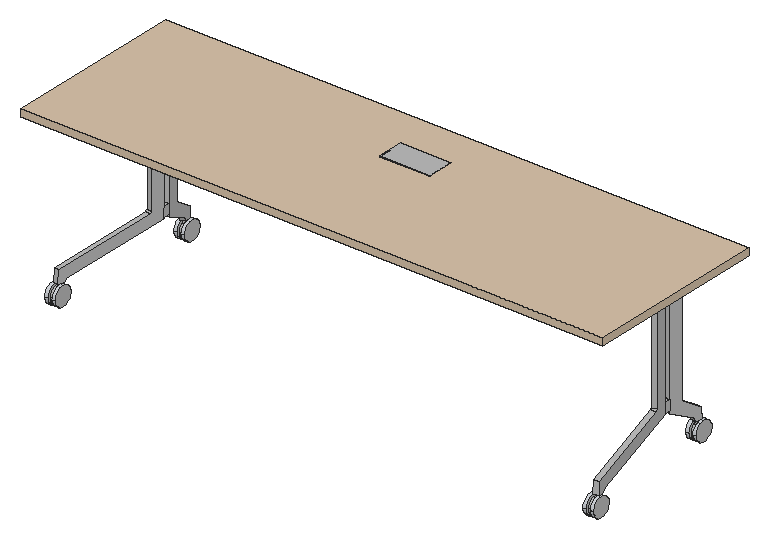
Revit family "Haworth_Planes_TrainingTable_Rectangular30", category Furniture Systems, Revit 2018
Family settings
  Round Connector Dimension = Use Diameter
  Part Type = Normal
  OmniClass Number = 23.40.70.14.64.21
  OmniClass Title = Systems Furniture
  Work Plane-Based = No
  Always vertical = Yes
  Cut with Voids When Loaded = No
  Shared = No
  Room Calculation Point = No
Parameters (values of type "96w 30d")
  Warranty = "http://www.haworth.com/resources/product-info/warranties"
  URL - Product = "http://www.haworth.com/products/tables/training/planes"
  Type Comments = ""
  Table Finish [instance] = Haworth _ Laminate _ Maple H-AE
  Table Edge Finish [instance] = Haworth _ Laminate _ Maple H-AE
  Sustainability Info = "http://media.haworth.com/asset/5175/Planes%20tables%20PEDS.pdf"
  Stretcher Width = Actual Width - ([Support Spacing - From Edge] * 2)  # 82"
  Side Fliptop Graphic = and(Flip Top, [Opening Left/Right], Actual Width > 59")  # no
  Side Cutout Offset = Actual Width / 3  # 32"
  Opening Single Wide = no
  Opening Single Narrow = no
  Opening Single = not(or(Opening Single Narrow, Opening Single Wide))  # yes
  Opening Left/Right = no
  Opening Center = not([Opening Left/Right])  # yes
  Leg Placement = 6 3/16"  # constant formula
  Model = "TARA"  # constant formula
  Leg Finish [instance] = Haworth _ Paint _ Metallic Champagne
  Knife Edge = not(Edgeband)  # no
  Glides = not(Casters)  # no
  Fliptop Width = Cutout Width + 1/4"  # 8 1/4"
  Fliptop Depth = Cutout Depth + 3/8"  # 4 3/8"
  Flip Top Finish = Haworth _ Paint _ Metallic Champagne
  Flip Top = yes
  Edgeband = yes
  Description = "Haworth - Planes Training - Table Rectangular - 30"  # constant formula
  Cutout Width = if(Opening Single Narrow, 5", if(Opening Single Wide, 11", 8"))  # 8"
  Cutout Depth = 4"  # constant formula
  Width = 96"
  URL = "www.haworth.com"
  Table Thickness = 1 3/16"  # constant formula
  Support Spacing - From Edge = 7"  # constant formula
  Size = "Verify Final Dim. w/ Haworth"  # constant formula
  Revision Number = "3"  # constant formula
  Min/Max Width = "36-96 in. @ 6 in. increments"  # constant formula
  Min/Max Depth = "30in."  # constant formula
  Min. Width = 36"  # constant formula
  Max. Width = 96"  # constant formula
  Min. Depth = 30"  # constant formula
  Max. Depth = 30"  # constant formula
  Manufacturer = "Haworth"  # constant formula
  Leg Height = Actual Height - Table Thickness  # 27 13/16"
  Depth = 30"
  Cutout = yes
  Custom Size = not(and(or(Depth = 20", Depth = 24", Depth = 30"), or(Width = 36", Width = 42", Width = 48", Width = 54", Width = 60", Width = 66", Width = 72", Width = 78", Width = 84", Width = 90", Width = 96")))  # no
  Center Fliptop Offset = 6 87/128" + (Cutout Depth / 2)  # 8 87/128"
  Center Fliptop Graphic = and(Flip Top, Opening Center)  # yes
  Casters = yes
  Caster Finish [instance] = Haworth _ Paint _ Metallic Champagne
  Author = "Haworth (Hampton, Alias)"  # constant formula
  Assembly Code = "E2020200"
  Actual Width = if(Width < Min. Width, Min. Width, if(Width > Max. Width, Max. Width, Width))  # 96"
  Actual Height = 29"  # constant formula
  Actual Depth = if(Depth > Max. Depth, Max. Depth, if(Depth < Min. Depth, Min. Depth, Depth))  # 30"
Types (2): name | Stretcher Width | Side Cutout Offset | Width | Actual Width
  60w 30d | 46" | 20" | 60" | 60"
  96w 30d | 82" | 32" | 96" | 96"
Reference planes (in)
  plane 1 "Center F/B": y = 0
  plane 2: z = 0
  plane 3 "Center L/R": x = 0
  plane 4 "Table Edge Left": x = -48
  plane 5 "Table Edge Right": x = 48
  plane 6 "Table Edge Front": y = 15
  plane 7 "Table Edge Back": y = -15
  plane 8 "Table Leg Left": x = -41
  plane 9 "Table Leg Right": x = 41
  plane 10 "Top": z = 29
  plane 11 "Support Back": y = 8.8125
  plane 12: y = 3.57316
  plane 13: x = -16
  plane 14: x = 16
  plane 15: y = 6.32031
Dimensions and locks (in)
  "Support Spacing - From Edge": plane 4 "Table Edge Left" to plane 8 "Table Leg Left"
  "Support Spacing - From Edge": plane 9 "Table Leg Right" to plane 5 "Table Edge Right"
  "Actual Width": plane 4 "Table Edge Left" to plane 5 "Table Edge Right"
  equal spacing: plane 4 "Table Edge Left", plane 3 "Center L/R", plane 5 "Table Edge Right"
  "Actual Depth": plane 6 "Table Edge Front" to plane 7 "Table Edge Back"
  equal spacing: plane 6 "Table Edge Front", plane 1 "Center F/B", plane 7 "Table Edge Back"
  "Actual Height": plane 10 "Top" to level
  locked: plane 11 "Support Back" to plane 12 at 5.23934
  "Leg Placement": plane 6 "Table Edge Front" to plane 11 "Support Back"
  "Side Cutout Offset": plane 4 "Table Edge Left" to plane 13
  "Side Cutout Offset": plane 14 to plane 5 "Table Edge Right"
  "Center Fliptop Offset": plane 6 "Table Edge Front" to plane 15
  aligned and locked: plane 8 "Table Leg Left" to nested 1
  aligned and locked: plane 9 "Table Leg Right" to nested 2
  aligned and locked: nested 2 to plane 1 "Center F/B"
  aligned and locked: plane 3 "Center L/R" to nested 3
  aligned and locked: nested 3 to plane 11 "Support Back"
  aligned and locked: plane 2 to nested 3
  aligned and locked: nested 4 to plane 2
  aligned and locked: plane 3 "Center L/R" to nested 4
  aligned and locked: plane 1 "Center F/B" to nested 4
  aligned and locked: plane 3 "Center L/R" to nested 5
  aligned and locked: plane 2 to nested 1
  aligned and locked: nested 2 to plane 2
  aligned and locked: plane 10 "Top" to nested 5
  aligned and locked: plane 10 "Top" to nested 6
  aligned and locked: plane 10 "Top" to nested 7
  aligned and locked: plane 14 to nested 6
  aligned and locked: plane 13 to nested 7
  aligned and locked: nested 7 to plane 15
  aligned and locked: nested 6 to plane 15
  aligned and locked: nested 5 to plane 15
Nested families (in)
  nested 1: "Haworth_Leg-Planes_Training_30D" at (-41, 0, 0), type "Leg"
  nested 2: "Haworth_Leg-Planes_Training_30D" at (41, 0, 0) x (-1, 0, 0) z (0, 0, 1), type "Leg"
  nested 3: "Haworth_Planes_TrainingTable_Stretcher_Part" at (0, 3.00053, 0), type "Stretcher"
    with Actual Width 82"
  nested 4: "Haworth_Planes_Worksurface_Rectangular_Part" at (0, -15, 0), type "Worksurface"
    with Side Cutout Offset 32", Side Cutout Graphic no, Side Cutout Dimension 1", Opening Left/Right no, Actual Width 96"
  nested 5: "Haworth_Worksurface_FlipTop_Unit_Part" at (-0.57037, 6.26783, 29), visible <- "Center Fliptop Graphic", type "Single Sided"
  nested 6: "Haworth_Worksurface_FlipTop_Unit_Part" at (15.42963, 6.26783, 29), visible <- "Side Fliptop Graphic", type "Single Sided"
  nested 7: "Haworth_Worksurface_FlipTop_Unit_Part" at (-16.57037, 6.26783, 29), visible <- "Side Fliptop Graphic", type "Single Sided"
Definition of nested family "Haworth_Leg-Planes_Training_30D"
  Parameters (values of type "Leg")
    Model = "Haworth_Leg-Planes_Training_30D"  # constant formula
    Manufacturer = "Haworth"  # constant formula
    Leg Height = 27 13/16"
    Leg Finish = none
    Glides = no
    Description = "Haworth_Leg-Planes_Training_30D"
    Casters = yes
    Caster Finish = none
    Auther = "Haworth (Hampton)"  # constant formula
    Assembly Code = ""
  Reference planes (in)
    plane 1 "Center (Front/Back)": y = 0
    plane 2: z = 0
    plane 3 "Center (Left/Right)": x = 0
    plane 4 "Top of Leg": z = 27.8125
    plane 5 "Y Leg Stand": x = -3.35156
    plane 6 "Left Y Leg": through (-0.17621, 0.60996, 48) normal (-0.8829, -0.4695, 0)
    plane 7 "Left Post": x = -0.5625
    plane 8 "Left Support": y = 11.57793
    plane 9: through (-0.17621, -0.60996, 48) normal (0.8829, -0.4695, 0)
    plane 10: y = -11.32793
    plane 11: x = -1.18359
  Forms (in)
    Revolve 1, solid, material <- "Leg Finish", visible <- "Glides"
      sketch origin (-1.19307, 0.20824, 0) x (-0.000803, -1, 0) y (0, 0, 1)
        loop
          line (-11.36969, 3.4375) -> (-11.36969, 0) -> (-10.36969, 0) -> (-10.36969, 0.1875) -> (-10.93219, 0.1875) -> (-10.93219, 3.4375) -> (-11.36969, 3.4375)
        axis (-11.36969, 3.4375) -> (-11.36969, 0)
      angle from 0 to 360
    Revolve 2, solid, material <- "Leg Finish", visible <- "Glides"
      sketch origin (-3.36034, 0.04176, 0) x (-0.000803, 1, 0) y (0, 0, -1)
        loop
          line (-11.36969, -3.4375) -> (-10.93219, -3.4375) -> (-10.93219, -0.1875) -> (-10.36969, -0.1875) -> (-10.36969, 0) -> (-11.36969, 0) -> (-11.36969, -3.4375)
        axis (-11.36969, -3.4375) -> (-11.36969, 0)
      angle from 0 to 360
    Extrusion 3, solid, material <- "Leg Finish"
      sketch origin (2.0119, -0.80233, 0) x (0.182579, 0.983191, 0) y (0, 0, 1)
        loop
          line (-11.85941, 5.24224) -> (-12.01655, 3.18345) -> (-10.98335, 3.18345) -> (-10.50665, 3.66015) -> (5.9043, 6.287) -> (5.9043, 27.24592) -> (3.92462, 27.24592) -> (3.92462, 8.10519)
          arc (3.92462, 8.10519) -> (3.85321, 7.91062) -> (3.67287, 7.80844) r 0.30078
          line (3.67287, 7.80844) -> (-11.85941, 5.24224)
      from -3.86674 to -2.94248
    Extrusion 4, solid, material <- "Leg Finish"
      sketch origin (1.99524, 0.3822, 0) x (-0.173889, 0.984765, 0) y (0, 0, 1)
        loop
          line (12.02172, 5.02236) -> (8.82242, 7.10002)
          arc (8.82242, 7.10002) -> (8.72191, 7.20875) -> (8.68546, 7.35227) r 0.30078
          line (8.68546, 7.35227) -> (8.68546, 27.24758) -> (6.68546, 27.24758) -> (6.68546, 6.03031) -> (10.72996, 3.95038) -> (11.08119, 3.19717) -> (12.08119, 3.19717) -> (12.02172, 5.02236)
      from -1.61621 to -0.69725
    Extrusion 5, solid, material <- "Leg Finish"
      sketch origin (0, 0, 0) x (1, 0, 0) y (0, 1, 0)
        loop
          line (-1.10665, 8.6543) -> (-1.44451, 8.6543) -> (-1.44451, 3.76231) -> (-1.07329, 3.76231) -> (-0.71184, 5.70871) -> (-0.75887, 6.68477) -> (-1.10665, 8.6543)
      from 25.04979 to 26.93342
    Extrusion 6, solid, material <- "Leg Finish"
      sketch origin (0, 0, 0) x (1, 0, 0) y (0, 1, 0)
        loop
          line (-0.75887, 6.68477) -> (-0.71184, 5.70871) -> (0.19689, 5.53996) -> (0.14609, 6.84456) -> (-0.75887, 6.68477)
      from 6.48123 to 8.06038
  Lines and regions (in)
    symbolic lines, detail levels medium+fine
      curve 1: line (-3.98381, -11.91091, 0) -> (-3.07508, -12.07966, 0)
      curve 2: line (-3.07508, -12.07966, 0) -> (0.19689, 5.53996, 0)
      curve 3: line (0.19689, 5.53996, 0) -> (0.14609, 6.84456, 0)
      curve 4: line (0.14609, 6.84456, 0) -> (-0.79217, 12.15809, 0)
      curve 5: line (-0.79217, 12.15809, 0) -> (-1.69713, 11.9983, 0)
      curve 6: line (-1.69713, 11.9983, 0) -> (-0.75887, 6.68477, 0)
      curve 7: line (-0.75887, 6.68477, 0) -> (-0.71184, 5.70871, 0)
      curve 8: line (-0.71184, 5.70871, 0) -> (-3.98381, -11.91091, 0)
  Dimensions and locks (in)
    "Leg Height": plane 4 "Top of Leg" to level
  Automatic sketch dimensions
    Revolve 1 sketch curve to level = 0"
    level to Revolve 1 sketch curve = 3.42885"
    Revolve 1 sketch curve to Revolve 1 sketch curve = 0"
    level to Revolve 1 sketch curve = 3/16"
    Revolve 1 sketch curve to Revolve 1 sketch curve = 7/16"
    Revolve 1 sketch curve to Revolve 1 sketch curve = 9/16"
    Revolve 1 sketch curve to level = 1.07115"
    Revolve 1 sketch curve to Revolve 1 sketch curve = 0.00865"
    Revolve 2 sketch curve to level = 0"
    level to Revolve 2 sketch curve = 3.42885"
    Revolve 2 sketch curve to Revolve 2 sketch curve = 0"
    level to Revolve 2 sketch curve = 3/16"
    Revolve 2 sketch curve to Revolve 2 sketch curve = 7/16"
    Revolve 2 sketch curve to Revolve 2 sketch curve = 9/16"
    Revolve 2 sketch curve to Revolve 2 sketch curve = 0.00865"
    Revolve 2 sketch curve to level = 1.07115"
    Extrusion 3 sketch curve to Extrusion 3 sketch curve = 0.4767"  (x2)
    Extrusion 3 sketch curve to Extrusion 3 sketch curve = 0.04903"
    Extrusion 3 sketch curve to Extrusion 3 sketch curve = 77/256"
    Extrusion 3 sketch curve to plane 4 "Top of Leg" = 0.56658"
    Extrusion 3 sketch curve to Extrusion 3 sketch curve = 1.97968"
    level to Extrusion 3 sketch curve = 8.10519"
    Extrusion 3 sketch curve to Extrusion 3 sketch curve = 1.81819"
    level to Extrusion 3 sketch curve = 5.24224"
    Extrusion 3 sketch curve to Extrusion 3 sketch curve = 1.58208"
    Extrusion 3 sketch curve to Extrusion 3 sketch curve = 0.15714"
    Extrusion 3 sketch curve to Extrusion 3 sketch curve = 1.0332"
    Extrusion 3 sketch curve to Extrusion 3 sketch curve = 14.13049"
    Extrusion 4 sketch curve to plane 4 "Top of Leg" = 0.56492"
    Extrusion 4 sketch curve to Extrusion 4 sketch curve = 2"
    Extrusion 4 sketch curve to Extrusion 4 sketch curve = 0.13696"
    Extrusion 4 sketch curve to Extrusion 4 sketch curve = 77/256"
    level to Extrusion 4 sketch curve = 7.35227"
    Extrusion 4 sketch curve to Extrusion 4 sketch curve = 1.06971"
    Extrusion 4 sketch curve to Extrusion 4 sketch curve = 2.07765"
    Extrusion 4 sketch curve to Extrusion 4 sketch curve = 1.07199"
    Extrusion 4 sketch curve to Extrusion 4 sketch curve = 0.75321"
    Extrusion 4 sketch curve to Extrusion 4 sketch curve = 1.90754"
    Extrusion 4 sketch curve to Extrusion 4 sketch curve = 0.35123"
    Extrusion 4 sketch curve to Extrusion 4 sketch curve = 1.29176"
    Extrusion 4 sketch curve to Extrusion 4 sketch curve = 1"
    plane 11 to Extrusion 5 sketch curve = 0.26091"
    Extrusion 5 sketch curve to plane 11 = 0.07695"
    Extrusion 5 sketch curve to plane 11 = 0.11031"
    plane 7 "Left Post" to Extrusion 5 sketch curve = 0.19637"
    plane 7 "Left Post" to Extrusion 5 sketch curve = 0.14934"
    Extrusion 5 sketch curve to plane 1 "Center (Front/Back)" = 3.76231"
    Extrusion 5 sketch curve to Extrusion 5 sketch curve = 1.9464"
    Extrusion 5 sketch curve to Extrusion 5 sketch curve = 0.97606"
    Extrusion 5 sketch curve to Extrusion 5 sketch curve = 1.96953"
    plane 7 "Left Post" to Extrusion 6 sketch curve = 0.19637"
    plane 7 "Left Post" to Extrusion 6 sketch curve = 0.14934"
    plane 3 "Center (Left/Right)" to Extrusion 6 sketch curve = 0.14609"
    plane 3 "Center (Left/Right)" to Extrusion 6 sketch curve = 0.19689"
    Extrusion 6 sketch curve to plane 1 "Center (Front/Back)" = 5.53996"
    Extrusion 6 sketch curve to Extrusion 6 sketch curve = 0.16875"
    Extrusion 6 sketch curve to Extrusion 6 sketch curve = 0.97606"
    Extrusion 6 sketch curve to Extrusion 6 sketch curve = 0.1598"
    curve 1 to plane 5 "Y Leg Stand" = 0.27648"
    plane 11 to curve 5 = 0.51353"
    plane 7 "Left Post" to curve 4 = 0.22967"
    plane 7 "Left Post" to curve 7 = 0.19637"
    plane 7 "Left Post" to curve 8 = 0.14934"
    plane 3 "Center (Left/Right)" to curve 3 = 0.14609"
    plane 3 "Center (Left/Right)" to curve 3 = 0.19689"
    plane 10 to curve 1 = 0.75173"
    curve 1 to curve 1 = 0.16875"
    curve 2 to curve 7 = 0.16875"
    curve 7 to curve 7 = 0.97606"
    curve 6 to curve 3 = 0.1598"
  Nested families (in)
    nested 1: "Haworth_3in Caster" at (-1.18359, 11.57793, 0), visible <- "Casters", type "Haworth_3in Caster"
    nested 2: "Haworth_3in Caster" at (-3.35156, -11.32793, 0), visible <- "Casters", type "Haworth_3in Caster"
  Definition of nested family "Haworth_3in Caster"
    Parameters
      Glides = yes
      Caster Finish = none
      Cart Leg Finish = none
      Assembly Code = ""
    Reference planes (in)
      plane 1 "Center (Front/Back)": y = 0
      plane 2: z = 0
      plane 3 "Center (Left/Right)": x = 0
    Forms (in)
      Extrusion 1, solid
        sketch origin (0, 0, -0.02118) x (0, 1, 0) y (0, 0, 1)
          loop
            circle (-0.48695, 1.58368) r 1.5625
        from 0.875 to 0.3125
      Extrusion 2, solid
        sketch origin (0, 0, -0.02118) x (0, 1, 0) y (0, 0, 1)
          loop
            circle (-0.48695, 1.58368) r 1.5625
        from -0.875 to -0.3125
      Extrusion 3, solid
        sketch origin (0, 0, 0) x (0, 1, 0) y (0, 0, 1)
          loop
            circle (-0.48695, 1.5625) r 1.3125
        from -0.3125 to 0.3125
      Extrusion 4, solid
        sketch origin (0, 0, 0) x (1, 0, 0) y (0, 1, 0)
          loop
            circle (0, 0) r 0.25
        from 2.4375 to 3.4375
    Cuts and joins
      joined: Extrusion 3, Extrusion 4
    Dimensions and locks (in)
      plane 3 "Center (Left/Right)" to Extrusion 2 = 5/16"
      Extrusion 1 to plane 3 "Center (Left/Right)" = 7/8"
Definition of nested family "Haworth_Planes_TrainingTable_Stretcher_Part"
  Parameters (values of type "Stretcher")
    Warranty = "http://www.haworth.com/resources/product-info/warranties"
    URL - Product = "http://www.haworth.com/products/tables/training/planes"
    Type Comments = ""
    Sustainability Info = "http://media.haworth.com/asset/5175/Planes%20tables%20PEDS.pdf"
    Model = "TARA"  # constant formula
    Leg Finish = none
    Description = "Haworth - Planes Training - Table Stretcher"
    URL = "www.haworth.com"
    Size = "Verify Final Dim. w/ Haworth"  # constant formula
    Revision Number = "1"  # constant formula
    Manufacturer = "Haworth"  # constant formula
    Author = "Haworth (Hampton)"  # constant formula
    Assembly Code = "E2020200"
    Actual Width = 46"
    Actual Depth = 5 61/256"  # constant formula
  Reference planes (in)
    plane 1 "Bottom": z = 0
    plane 2 "Center L/R": x = 0
    plane 3 "Left": x = -23
    plane 4 "Right": x = 23
    plane 5 "Strecther Back": y = 5.81197
    plane 6 "Stretcher Front": y = 0.57369
    plane 7 "Center FB": y = 3.19283
  Forms (in)
    Extrusion 1, solid, material <- "Leg Finish"
      sketch origin (30, 0.35365, 0) x (0, 1, 0) y (0, 0, 1)
        loop
          line (0.2204, 26.95529) -> (0.2204, 25.04023) -> (1.90683, 24.00491) -> (1.98015, 23.98526) -> (3.69856, 23.98526) -> (3.77188, 24.00491) -> (5.45832, 25.04023) -> (5.45832, 26.95529) -> (0.2204, 26.95529)
      from -53 to -7
  Lines and regions (in)
    symbolic lines, detail levels medium+fine
      curve 1: line (-23, 0.57369, 29) -> (23, 0.57369, 29)
      curve 2: line (23.19689, 5.81197, 29) -> (-23.19689, 5.81197, 29)
  Dimensions and locks (in)
    "Actual Depth": plane 5 "Strecther Back" to plane 6 "Stretcher Front"
    equal spacing: plane 5 "Strecther Back", plane 7 "Center FB", plane 6 "Stretcher Front"
    "Actual Width": plane 3 "Left" to plane 4 "Right"
    equal spacing: plane 3 "Left", plane 2 "Center L/R", plane 4 "Right"
    aligned and locked: plane 4 "Right" to Extrusion 1
    aligned and locked: Extrusion 1 to plane 3 "Left"
    aligned and locked: plane 5 "Strecther Back" to Extrusion 1
    aligned and locked: curve 1 to plane 6 "Stretcher Front"
    aligned and locked: plane 5 "Strecther Back" to curve 2
  Automatic sketch dimensions
    Extrusion 1 sketch curve to Extrusion 1 sketch curve = 1.68644"  (x2)
    Extrusion 1 sketch curve to Extrusion 1 sketch curve = 0.07332"  (x2)
    Extrusion 1 sketch curve to Extrusion 1 sketch curve = 1.71841"
    Extrusion 1 sketch curve to Extrusion 1 sketch curve = 0.01965"  (x2)
    Extrusion 1 sketch curve to Extrusion 1 sketch curve = 1.03532"  (x2)
    Extrusion 1 sketch curve to Extrusion 1 sketch curve = 1.91506"
    curve 1 to plane 4 "Right" = 0"
    curve 1 to plane 3 "Left" = 0"
    plane 4 "Right" to curve 2 = 0.19689"
    curve 2 to plane 3 "Left" = 0.19689"
    Extrusion 1 sketch curve to plane 5 "Strecther Back" = 0"
    level to Extrusion 1 sketch curve = 23.98526"
Definition of nested family "Haworth_Planes_Worksurface_Rectangular_Part"
  Parameters (values of type "Worksurface")
    Warranty = "http://www.haworth.com/resources/product-info/warranties"
    URL - Product = ""
    URL = "www.haworth.com"
    Thickness = 1 3/16"  # constant formula
    Table Finish = none
    Table Edge Finish = none
    Size = "Verify Final Dim. w/ Haworth"  # constant formula
    Side Cutout Offset = Actual Width / 3  # 20"
    Side Cutout Graphic = and(Cutout, [Opening Left/Right], Actual Width > 59")  # yes
    Side Cutout Dimension = if(and(Cutout, [Opening Left/Right], Actual Width > 59"), 3", 1")  # 3"
    Revision Number = ""
    Opening Left/Right = yes
    Opening Center = yes
    Model = "Haworth Planes"
    Manufacturer = "Haworth"  # constant formula
    Knife Edge = no
    Edgeband = yes
    Description = "Haworth Planes Worksurface - Part"
    Cutout Width = 8"
    Cutout Offset = 6 87/128"  # constant formula
    Center Cutout Graphic = and(Cutout, Opening Center)  # yes
    Center Cutout Dimension = if(and(Cutout, Opening Center), 3", 1")  # 3"
    Cutout Depth = 4"
    Cutout = yes
    Author = "Haworth (Alias), SHAPE Environments, LLC"  # constant formula
    Assembly Code = ""
    Actual Width = 60"
    Actual Height = 29"
    Actual Depth = 30"
  Reference planes (in)
    plane 1 "Center F/B": y = 15
    plane 2: z = 0
    plane 3 "Center L/R": x = 0
    plane 4 "Table Front": y = 30
    plane 5 "Table Right": x = 30
    plane 6 "Table Left": x = -30
    plane 7 "Table Back": y = 0
    plane 8 "Table Top": z = 29
    plane 9 "Table Bottom": z = 27.8125
    plane 10 "Cutout Top": z = 30
    plane 11 "Cutout Bottom": z = 27
    plane 12 "Knife Edge Middle": z = 28.625
    plane 13 "Cutout Back": y = 23.32031
    plane 14 "Cutout Front": y = 19.32031
    plane 15 "Cutout Middle": y = 21.32031
    plane 16: x = -10
    plane 17: x = 10
    plane 18 "Side Cutout": z = 27
  Forms (in)
    Extrusion 1, solid, material <- "Table Finish", visible <- "Edgeband"
      sketch origin (0, 0, 0) x (1, 0, 0) y (0, 1, 0)
        loop
          line (-30, 30) -> (-30, 0) -> (30, 0) -> (30, 30) -> (-30, 30)
      from 27.8125 to 29
    Extrusion 2, solid, material <- "Table Finish", visible <- "Knife Edge"
      sketch origin (0, 0, 0) x (1, 0, 0) y (0, 1, 0)
        loop
          line (-30, 30) -> (-30, 0) -> (30, 0) -> (30, 30) -> (-30, 30)
      from 29 to 28.625
    Extrusion 3, void
      sketch origin (0, 0, 29) x (-1, 0, 0) y (0, -1, 0)
        loop
          line (4, -23.32031) -> (4, -19.32031) -> (-4, -19.32031) -> (-4, -23.32031) -> (4, -23.32031)
      from -2 to 1
    Blend 4, solid, material <- "Table Finish", visible <- "Knife Edge"
      base sketch origin (0, 0, 0) x (1, 0, 0) y (0, 1, 0)
        loop
          line (-30, 30) -> (-30, 2) -> (30, 2) -> (30, 30) -> (-30, 30)
      top sketch origin (0, 0, 0) x (1, 0, 0) y (0, 1, 0)
        loop
          line (-30, 30) -> (-30, 0) -> (30, 0) -> (30, 30) -> (-30, 30)
      from 27.8125 to 28.625
    Extrusion 5, void
      sketch origin (0, 0, 0) x (1, 0, 0) y (0, 1, 0)
        loop
          line (6, 23.32031) -> (6, 19.32031) -> (14, 19.32031) -> (14, 23.32031) -> (6, 23.32031)
        loop
          line (-14, 23.32031) -> (-14, 19.32031) -> (-6, 19.32031) -> (-6, 23.32031) -> (-14, 23.32031)
      from 27 to 30
  Cuts and joins
    Extrusion 3, Extrusion 5 cuts Extrusion 2
    Extrusion 3, Extrusion 5 cuts Blend 4
    joined: Extrusion 2, Blend 4
    Extrusion 3, Extrusion 5 cuts Extrusion 1
  Lines and regions (in)
    Masking region 1
      outline origin (0, 0, 0) x (1, 0, 0) y (0, 1, 0)
        loop
          line (-30, 30) -> (-30, 0) -> (30, 0) -> (30, 30) -> (-30, 30)
    symbolic lines, visible <- "Center Cutout Graphic"
      curve 1: line (-4, 23.32031, 0) -> (-4, 19.32031, 0)
      curve 2: line (-4, 19.32031, 0) -> (4, 19.32031, 0)
      curve 3: line (4, 19.32031, 0) -> (4, 23.32031, 0)
      curve 4: line (4, 23.32031, 0) -> (-4, 23.32031, 0)
    symbolic lines, visible <- "Knife Edge", detail levels medium+fine
      curve 5: line (-30, 2, 0) -> (30, 2, 0)
    symbolic lines, visible <- "Side Cutout Graphic"
      curve 6: line (-14, 19.32031, 0) -> (-14, 23.32031, 0)
      curve 7: line (-14, 23.32031, 0) -> (-6, 23.32031, 0)
      curve 8: line (-6, 23.32031, 0) -> (-6, 19.32031, 0)
      curve 9: line (-6, 19.32031, 0) -> (-14, 19.32031, 0)
      curve 10: line (6, 23.32031, 0) -> (14, 23.32031, 0)
      curve 11: line (14, 23.32031, 0) -> (14, 19.32031, 0)
      curve 12: line (14, 19.32031, 0) -> (6, 19.32031, 0)
      curve 13: line (6, 19.32031, 0) -> (6, 23.32031, 0)
  Dimensions and locks (in)
    "Actual Depth": plane 7 "Table Back" to plane 4 "Table Front"
    "Actual Width": plane 6 "Table Left" to plane 5 "Table Right"
    equal spacing: plane 6 "Table Left", plane 3 "Center L/R", plane 5 "Table Right"
    equal spacing: plane 4 "Table Front", plane 1 "Center F/B", plane 7 "Table Back"
    "Thickness": plane 8 "Table Top" to plane 9 "Table Bottom"
    "Actual Height": plane 8 "Table Top" to level
    equal spacing: Extrusion 3 sketch curve, plane 3 "Center L/R", Extrusion 3 sketch curve
    "Cutout Width": Extrusion 3 sketch curve to Extrusion 3 sketch curve
    locked: plane 10 "Cutout Top" to plane 8 "Table Top" at 1
    "Center Cutout Dimension": plane 10 "Cutout Top" to plane 11 "Cutout Bottom"
    locked: plane 8 "Table Top" to plane 12 "Knife Edge Middle" at 0.375
    locked: plane 7 "Table Back" to curve 5 at 2
    locked: Blend 4 sketch curve to plane 7 "Table Back" at 2
    "Cutout Offset": plane 13 "Cutout Back" to plane 4 "Table Front"
    "Cutout Depth": plane 14 "Cutout Front" to plane 13 "Cutout Back"
    equal spacing: plane 14 "Cutout Front", plane 15 "Cutout Middle", plane 13 "Cutout Back"
    "Side Cutout Offset": plane 6 "Table Left" to plane 16
    "Side Cutout Offset": plane 17 to plane 5 "Table Right"
    equal spacing: Extrusion 5 sketch curve, plane 17, Extrusion 5 sketch curve
    equal spacing: Extrusion 5 sketch curve, plane 16, Extrusion 5 sketch curve
    "Cutout Width": Extrusion 5 sketch curve to Extrusion 5 sketch curve  (x2)
    "Side Cutout Dimension": plane 10 "Cutout Top" to plane 18 "Side Cutout"
    aligned and locked: plane 6 "Table Left" to Extrusion 1 sketch curve
    aligned and locked: Extrusion 1 sketch curve to plane 4 "Table Front"
    aligned and locked: plane 7 "Table Back" to Extrusion 1 sketch curve
    aligned and locked: plane 5 "Table Right" to Extrusion 1 sketch curve
    aligned and locked: plane 8 "Table Top" to Extrusion 1
    aligned and locked: Extrusion 1 to plane 9 "Table Bottom"
    aligned and locked: plane 6 "Table Left" to Extrusion 2 sketch curve
    aligned and locked: plane 5 "Table Right" to Extrusion 2 sketch curve
    aligned and locked: Extrusion 2 sketch curve to plane 4 "Table Front"
    aligned and locked: plane 10 "Cutout Top" to Extrusion 3
    aligned and locked: Extrusion 3 to plane 11 "Cutout Bottom"
    aligned and locked: Masking region 1 sketch curve to plane 7 "Table Back"
    aligned and locked: plane 6 "Table Left" to Masking region 1 sketch curve
    aligned and locked: Masking region 1 sketch curve to plane 4 "Table Front"
    aligned and locked: plane 5 "Table Right" to Masking region 1 sketch curve
    aligned and locked: curve 1 to Extrusion 3
    aligned and locked: Extrusion 3 to curve 3
    aligned and locked: cut or joined group of Extrusion 2, Extrusion 3, Blend 4, Extrusion 5 to plane 12 "Knife Edge Middle"
    aligned and locked: plane 8 "Table Top" to cut or joined group of Extrusion 2, Extrusion 3, Blend 4, Extrusion 5
    aligned and locked: Extrusion 2 sketch curve to plane 7 "Table Back"
    aligned and locked: plane 5 "Table Right" to Blend 4 sketch curve  (x2)
    aligned and locked: Blend 4 sketch curve to plane 4 "Table Front"  (x2)
    aligned and locked: plane 6 "Table Left" to Blend 4 sketch curve  (x2)
    aligned and locked: Blend 4 sketch curve to plane 7 "Table Back"
    aligned and locked: Blend 4 to plane 12 "Knife Edge Middle"
    aligned and locked: Blend 4 to plane 9 "Table Bottom"
    aligned and locked: plane 13 "Cutout Back" to Extrusion 3 sketch curve
    aligned and locked: Extrusion 3 sketch curve to plane 14 "Cutout Front"
    aligned and locked: plane 13 "Cutout Back" to Extrusion 5 sketch curve  (x2)
    aligned and locked: Extrusion 5 sketch curve to plane 14 "Cutout Front"  (x2)
    aligned and locked: Extrusion 5 to plane 10 "Cutout Top"
    aligned and locked: Extrusion 5 to plane 18 "Side Cutout"
    aligned and locked: curve 6 to cut or joined group of Extrusion 1, Extrusion 3, Extrusion 5
    aligned and locked: curve 7 to cut or joined group of Extrusion 1, Extrusion 3, Extrusion 5
    aligned and locked: curve 8 to cut or joined group of Extrusion 1, Extrusion 3, Extrusion 5
    aligned and locked: curve 9 to cut or joined group of Extrusion 1, Extrusion 3, Extrusion 5
    aligned and locked: curve 10 to cut or joined group of Extrusion 1, Extrusion 3, Extrusion 5
    aligned and locked: curve 11 to cut or joined group of Extrusion 1, Extrusion 3, Extrusion 5
    aligned and locked: curve 12 to cut or joined group of Extrusion 1, Extrusion 3, Extrusion 5
    aligned and locked: curve 13 to cut or joined group of Extrusion 1, Extrusion 3, Extrusion 5
  Automatic sketch dimensions
    curve 5 to plane 6 "Table Left" = 0"
    curve 5 to plane 5 "Table Right" = 0"
    plane 14 "Cutout Front" to curve 2 = 0"
    plane 13 "Cutout Back" to curve 4 = 0"
Definition of nested family "Haworth_Worksurface_FlipTop_Unit_Part"
  Parameters (values of type "Single Sided")
    Warranty = "www.haworth.com/en-us/Products/Pages/Certifications.aspx"
    URL - Product = "www.haworth.com/en-us/Products/Furniture/Systems/Desking-Systems/Pages/Compose.aspx"
    URL = "www.haworth.com"
    Sustainability Info = "www.haworth.com/en-us/About-Us/Sustainability/Pages/Vision.aspx"
    Size = "Verify Final Dim. w/ Haworth"  # constant formula
    Revision Number = "2"  # constant formula
    Model = "Haworth_Worksurface-Flip_Top_Unit"  # constant formula
    Manufacturer = "Haworth"  # constant formula
    LEED Data = "www.haworth.com/_layouts/Haworth.ProductCatalog/Handlers/GetAsset.ashx/ComposeLEEDContributions.pdf?cid=27&rid=1824&type=Leed"
    Flip Top Finish = none
    Description = "Haworth Worksurface-Flip Top Unit - Part"
    Default Elevation = 48"
    Author = "SHAPE Environments, LLC"  # constant formula
    Assembly Code = "E2020200"
    Actual Width = 8 1/4"
    Actual Depth = 4 3/8"
  Reference planes (in)
    plane 1 "Center F/B": y = 0.05249
    plane 2: z = 0
    plane 3 "Center L/R": x = 0.57037
    plane 4 "Back": y = 2.23999
    plane 5 "Right": x = 4.69537
    plane 6 "Front": y = -2.13501
    plane 7 "Left": x = -3.55463
    plane 8 "Table Height": z = 0
  Forms (in)
    Extrusion 1, solid, material <- "Flip Top Finish"
      sketch origin (0, 0, 0) x (-1, 0, 0) y (0, -1, 0)
        loop
          line (3.55463, -2.23999) -> (3.55463, 2.13501) -> (-4.69537, 2.13501) -> (-4.69537, -2.23999) -> (3.55463, -2.23999)
      from 0 to 0.125
    Extrusion 2, solid, material <- "Flip Top Finish"
      sketch origin (0, 0, 0) x (-1, 0, 0) y (0, -1, 0)
        loop
          line (3.42963, -2.05249) -> (3.42963, 1.94751) -> (-4.57037, 1.94751) -> (-4.57037, -2.05249) -> (3.42963, -2.05249)
      from 0 to -2.75
  Cuts and joins
    joined: Extrusion 1, Extrusion 2
  Lines and regions (in)
    Masking region 1
      outline origin (0, 0, 0) x (1, 0, 0) y (0, 1, 0)
        loop
          line (-3.55463, 2.23999) -> (-3.55463, -2.13501) -> (4.69537, -2.13501) -> (4.69537, 2.23999) -> (-3.55463, 2.23999)
  Dimensions and locks (in)
    equal spacing: plane 7 "Left", plane 3 "Center L/R", plane 5 "Right"
    "Actual Width": plane 7 "Left" to plane 5 "Right"
    equal spacing: plane 6 "Front", plane 1 "Center F/B", plane 4 "Back"
    "Actual Depth": plane 4 "Back" to plane 6 "Front"
    plane 7 "Left" to Extrusion 2 sketch curve = 1/8"
    plane 4 "Back" to Extrusion 2 sketch curve = 3/16"
    Extrusion 2 sketch curve to plane 5 "Right" = 1/8"
    Extrusion 2 sketch curve to plane 6 "Front" = 3/16"
    locked: plane 8 "Table Height" to level
    aligned and locked: plane 7 "Left" to Extrusion 1 sketch curve
    aligned and locked: Extrusion 1 sketch curve to plane 4 "Back"
    aligned and locked: plane 6 "Front" to Extrusion 1 sketch curve
    aligned and locked: Extrusion 1 sketch curve to plane 5 "Right"
    aligned and locked: Masking region 1 sketch curve to cut or joined group of Extrusion 1, Extrusion 2  (x3)
    aligned and locked: cut or joined group of Extrusion 1, Extrusion 2 to Masking region 1 sketch curve
